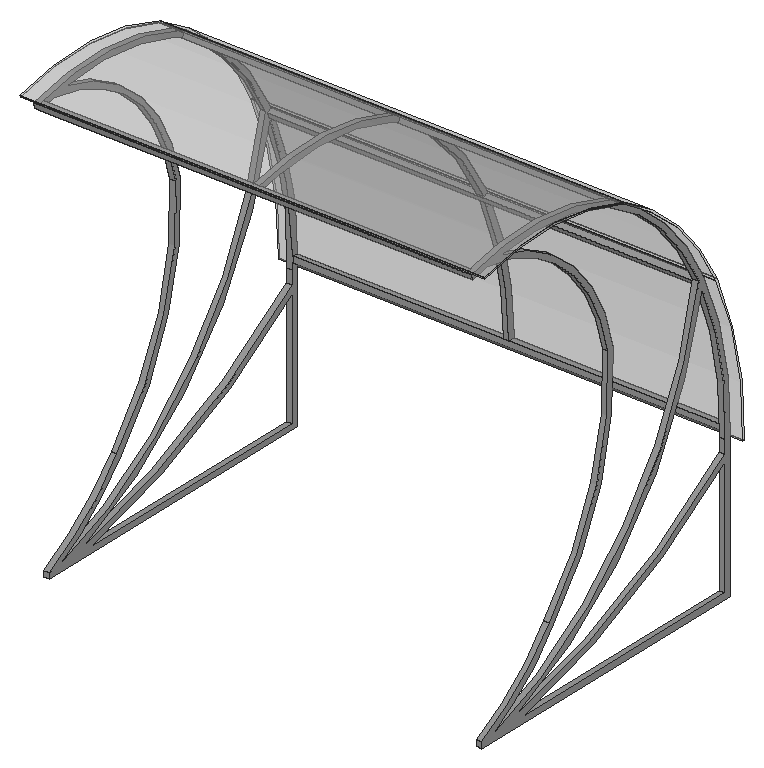
Revit family "Навес для скамейки «Сидней» Арт 14547", category Антураж, Revit 2018
Family settings
  На основе рабочей плоскости = Нет
  Всегда вертикально = Да
  При загрузке вырезать с полостями = Нет
  Источник визуального образа = Геометрия семейства
  Общий = Нет
  Точка расчета площади = Нет
Parameters (values of type "Навес для скамейки «Сидней»")
  Ширина = 1470 mm  # constant formula
  Цвет крыши = Поликарбонат
  Цвет каркаса = Сталь
  Описание = "Навес для скамейки «Сидней»"  # constant formula
  Материал изделия = "Сталь, поликарбонат"  # constant formula
  Изображение типоразмера = Навес для скамейки «Сидней» Арт 14547.jpg
  Изготовитель = "ООО «Хоббика»"  # constant formula
  Длина = 2100 mm  # constant formula
  Группа модели = "Садовые скамейки"  # constant formula
  Высота = 2000 mm  # constant formula
  Артикул товара = "Арт. 14547"  # constant formula
  URL = "https://hobbyka.ru/product/naves_dlya_skameyki_sidney/"
Reference planes
  plane 1 "По центру (Вперед/Назад)": y = 0
  plane 2: z = 0
  plane 3 "По центру (Влево/Вправо)": x = 0
  plane 4: x = 2100
  plane 5: y = 1470
  plane 6: z = 2000
Forms (mm)
  Extrusion 1, solid, material "Поликарбонат" <- "Цвет крыши"
    sketch origin (0, 0, 0) x (0, 1, 0) y (0, 0, 1)
      loop
        arc (1470, 646.807) -> (1436.685, 1017.992) -> (1316.145, 1370.636) r 1557.51
        arc (1316.145, 1370.636) -> (1097.575, 1683.267) -> (791.369, 1910.75) r 1190.869
        arc (791.369, 1910.75) -> (399.19, 1998.371) -> (0, 1952.224) r 1205.522
        line (0, 1952.224) -> (2.788, 1942.62)
        arc (2.788, 1942.62) -> (398.44, 1988.397) -> (787.172, 1901.662) r 1195.522
        arc (787.172, 1901.662) -> (1090.561, 1676.135) -> (1307.138, 1366.293) r 1180.869
        arc (1307.138, 1366.293) -> (1426.935, 1015.764) -> (1459.995, 646.807) r 1547.51
        line (1459.995, 646.807) -> (1470, 646.807)
    from 0 to 2100
  Extrusion 2, solid, material "Сталь" <- "Цвет каркаса"
    sketch origin (0, 0, 0) x (0, 1, 0) y (0, 0, 1)
      loop
        arc (1307.138, 1366.293) -> (1090.561, 1676.135) -> (787.172, 1901.662) r 1180.869
        arc (787.172, 1901.662) -> (398.44, 1988.397) -> (2.788, 1942.62) r 1195.522
        line (2.788, 1942.62) -> (9.758, 1918.612)
        arc (9.758, 1918.612) -> (47.43, 1928.87) -> (85.422, 1937.866) r 1170.522
        arc (85.422, 1937.866) -> (535.117, 1730.954) -> (772.895, 1296.788) r 788.591
        arc (772.895, 1296.788) -> (707.488, 783.255) -> (442.867, 338.317) r 1271.964
        arc (442.867, 338.317) -> (269.776, 159.241) -> (59.995, 25) r 1070.664
        line (59.995, 25) -> (59.995, 0) -> (1459.995, 0) -> (1459.995, 646.807)
        arc (1459.995, 646.807) -> (1426.935, 1015.764) -> (1307.138, 1366.293) r 1547.51
      loop
        line (287.802, 25) -> (1435.007, 25) -> (1435.007, 555.316)
        arc (1435.007, 555.316) -> (890.338, 227.568) -> (287.802, 25) r 2930.087
      loop
        arc (1435.007, 647.572) -> (1406.836, 989.326) -> (1302.896, 1316.108) r 1522.51
        arc (1302.896, 1316.108) -> (937.164, 542.333) -> (243.406, 41.149) r 1717.415
        arc (243.406, 41.149) -> (870.379, 245.904) -> (1435.007, 586.807) r 2905.087
        line (1435.007, 586.807) -> (1435.007, 647.572)
      loop
        arc (1284.619, 1355.435) -> (1073.027, 1658.306) -> (776.678, 1878.942) r 1155.869
        arc (776.678, 1878.942) -> (472.787, 1957.015) -> (159.074, 1951.56) r 1170.522
        arc (159.074, 1951.56) -> (578.312, 1723.735) -> (797.717, 1300.03) r 813.591
        arc (797.717, 1300.03) -> (731.518, 776.256) -> (462.06, 322.26) r 1296.964
        arc (462.06, 322.26) -> (299.535, 151.483) -> (104.239, 19.426) r 1095.664
        arc (104.239, 19.426) -> (884.602, 519.41) -> (1284.619, 1355.435) r 1692.415
    from 60 to 85
  Extrusion 3, solid, material "Сталь" <- "Цвет каркаса"
    sketch origin (2100, 0, 0) x (0, 1, 0) y (0, 0, -1)
      loop
        arc (1307.138, -1366.293) -> (1426.935, -1015.764) -> (1459.995, -646.807) r 1547.51
        line (1459.995, -646.807) -> (1459.995, 0) -> (59.995, 0) -> (59.995, -25)
        arc (59.995, -25) -> (269.776, -159.241) -> (442.867, -338.317) r 1070.664
        arc (442.867, -338.317) -> (707.488, -783.255) -> (772.895, -1296.788) r 1271.964
        arc (772.895, -1296.788) -> (535.117, -1730.954) -> (85.422, -1937.866) r 788.591
        arc (85.422, -1937.866) -> (47.43, -1928.87) -> (9.758, -1918.612) r 1170.522
        line (9.758, -1918.612) -> (2.788, -1942.62)
        arc (2.788, -1942.62) -> (398.44, -1988.397) -> (787.172, -1901.662) r 1195.522
        arc (787.172, -1901.662) -> (1090.561, -1676.135) -> (1307.138, -1366.293) r 1180.869
      loop
        arc (287.802, -25) -> (890.338, -227.568) -> (1435.007, -555.316) r 2930.087
        line (1435.007, -555.316) -> (1435.007, -25) -> (287.802, -25)
      loop
        line (1435.007, -647.572) -> (1435.007, -586.807)
        arc (1435.007, -586.807) -> (870.379, -245.904) -> (243.406, -41.149) r 2905.087
        arc (243.406, -41.149) -> (937.164, -542.333) -> (1302.896, -1316.108) r 1717.415
        arc (1302.896, -1316.108) -> (1406.836, -989.326) -> (1435.007, -647.572) r 1522.51
      loop
        arc (1284.619, -1355.435) -> (884.602, -519.41) -> (104.239, -19.426) r 1692.415
        arc (104.239, -19.426) -> (299.535, -151.483) -> (462.06, -322.26) r 1095.664
        arc (462.06, -322.26) -> (731.518, -776.256) -> (797.717, -1300.03) r 1296.964
        arc (797.717, -1300.03) -> (578.312, -1723.735) -> (159.074, -1951.56) r 813.591
        arc (159.074, -1951.56) -> (472.787, -1957.015) -> (776.678, -1878.942) r 1170.522
        arc (776.678, -1878.942) -> (1073.027, -1658.306) -> (1284.619, -1355.435) r 1155.869
    from 60 to 85
  Extrusion 4, solid, material "Сталь" <- "Цвет каркаса"
    sketch origin (0, 0, 0) x (0, 1, 0) y (0, 0, 1)
      loop
        arc (1307.138, 1366.293) -> (1090.561, 1676.135) -> (787.172, 1901.662) r 1180.869
        arc (787.172, 1901.662) -> (398.44, 1988.397) -> (2.788, 1942.62) r 1195.522
        line (2.788, 1942.62) -> (9.758, 1918.612)
        arc (9.758, 1918.612) -> (72.251, 1934.899) -> (135.546, 1947.714) r 1170.522
        arc (135.546, 1947.714) -> (460.941, 1958.347) -> (776.678, 1878.942) r 1170.522
        arc (776.678, 1878.942) -> (1073.027, 1658.306) -> (1284.619, 1355.435) r 1155.869
        arc (1284.619, 1355.435) -> (1399.327, 1025.066) -> (1435.626, 677.238) r 1522.51
        line (1435.626, 677.238) -> (1460.628, 677.238)
        arc (1460.628, 677.238) -> (1423.699, 1030.635) -> (1307.138, 1366.293) r 1547.51
    from 1037.5 to 1062.5
  Extrusion 5, solid, material "Сталь" <- "Цвет каркаса"
    sketch origin (0, 0, 0) x (0, 1, 0) y (0, 0, 1)
      loop
        arc (1435.699, 702.238) -> (1435.714, 689.738) -> (1435.626, 677.238) r 1522.51
        line (1435.626, 677.238) -> (1460.628, 677.238)
        arc (1460.628, 677.238) -> (1460.714, 689.738) -> (1460.699, 702.238) r 1547.51
        line (1460.699, 702.238) -> (1435.699, 702.238)
      loop
        arc (1288.583, 1347.15) -> (1293.898, 1335.836) -> (1299.119, 1324.479) r 1522.51
        line (1299.119, 1324.479) -> (1321.791, 1335.016)
        arc (1321.791, 1335.016) -> (1316.569, 1346.373) -> (1311.255, 1357.687) r 1547.51
        line (1311.255, 1357.687) -> (1288.583, 1347.15)
      loop
        line (2.788, 1942.62) -> (9.758, 1918.612)
        arc (9.758, 1918.612) -> (21.782, 1922.033) -> (33.841, 1925.325) r 1170.522
        line (33.841, 1925.325) -> (26.87, 1949.339)
        arc (26.87, 1949.339) -> (14.811, 1946.043) -> (2.788, 1942.62) r 1195.522
      loop
        arc (807.662, 1862.228) -> (818.249, 1856.233) -> (828.772, 1850.128) r 1155.869
        line (828.772, 1850.128) -> (841.557, 1871.612)
        arc (841.557, 1871.612) -> (830.744, 1877.887) -> (819.865, 1884.047) r 1180.869
        line (819.865, 1884.047) -> (807.662, 1862.228)
    from 85 to 2015
Cuts and joins
  joined: Extrusion 2, Extrusion 3, Extrusion 4, Extrusion 5
Dimensions and locks
  "Длина": plane 3 "По центру (Влево/Вправо)" to plane 4
  "Ширина": plane 1 "По центру (Вперед/Назад)" to plane 5
  "Высота": plane 6 to plane 2
  aligned and locked: level to plane 2
Automatic sketch dimensions
  Extrusion 1 sketch curve to Extrusion 1 sketch curve = 0 mm  (x6)
  Extrusion 1 sketch curve to plane 1 "По центру (Вперед/Назад)" = 0 mm
  Extrusion 1 sketch curve to plane 5 = 0 mm
  plane 1 "По центру (Вперед/Назад)" to Extrusion 1 sketch curve = 86.79 mm
  Extrusion 1 sketch curve to plane 1 "По центру (Вперед/Назад)" = 2.788 mm
  Extrusion 1 sketch curve to plane 1 "По центру (Вперед/Назад)" = 243.464 mm
  Extrusion 1 sketch curve to Extrusion 1 sketch curve = 92.634 mm
  Extrusion 1 sketch curve to plane 5 = 10.005 mm
  level to Extrusion 1 sketch curve = 646.807 mm
  level to Extrusion 1 sketch curve = 694.167 mm
  Extrusion 1 sketch curve to Extrusion 1 sketch curve = 100.334 mm
  Extrusion 1 sketch curve to Extrusion 1 sketch curve = 58.908 mm
  Extrusion 1 sketch curve to plane 6 = 57.38 mm
  Extrusion 1 sketch curve to Extrusion 1 sketch curve = 9.603 mm
  Extrusion 1 sketch curve to plane 6 = 98.338 mm
  Extrusion 1 sketch curve to Extrusion 1 sketch curve = 4.197 mm
  Extrusion 2 sketch curve to Extrusion 2 sketch curve = 0 mm  (x21)
  Extrusion 2 sketch curve to level = 0 mm
  plane 1 "По центру (Вперед/Назад)" to Extrusion 2 sketch curve = 495.177 mm
  Extrusion 2 sketch curve to Extrusion 2 sketch curve = 86.893 mm
  plane 1 "По центру (Вперед/Назад)" to Extrusion 2 sketch curve = 383.705 mm
  plane 1 "По центру (Вперед/Назад)" to Extrusion 2 sketch curve = 339.138 mm
  plane 1 "По центру (Вперед/Назад)" to Extrusion 2 sketch curve = 86.79 mm
  plane 1 "По центру (Вперед/Назад)" to Extrusion 2 sketch curve = 2.701 mm
  Extrusion 2 sketch curve to plane 1 "По центру (Вперед/Назад)" = 2.788 mm
  Extrusion 2 sketch curve to plane 1 "По центру (Вперед/Назад)" = 9.758 mm
  Extrusion 2 sketch curve to plane 1 "По центру (Вперед/Назад)" = 59.995 mm
  Extrusion 2 sketch curve to plane 1 "По центру (Вперед/Назад)" = 243.464 mm
  level to Extrusion 2 sketch curve = 25 mm  (x2)
  Extrusion 2 sketch curve to Extrusion 2 sketch curve = 227.807 mm
  Extrusion 2 sketch curve to Extrusion 2 sketch curve = 92.634 mm
  Extrusion 2 sketch curve to plane 5 = 34.993 mm
  Extrusion 2 sketch curve to plane 5 = 10.005 mm
  Extrusion 2 sketch curve to Extrusion 2 sketch curve = 530.316 mm
  Extrusion 2 sketch curve to Extrusion 2 sketch curve = 31.492 mm
  Extrusion 2 sketch curve to Extrusion 2 sketch curve = 60 mm
  Extrusion 2 sketch curve to Extrusion 2 sketch curve = 0.765 mm
  Extrusion 2 sketch curve to Extrusion 2 sketch curve = 669.167 mm
  Extrusion 2 sketch curve to Extrusion 2 sketch curve = 100.334 mm
  Extrusion 2 sketch curve to Extrusion 2 sketch curve = 58.908 mm
  Extrusion 2 sketch curve to Extrusion 2 sketch curve = 293.66 mm
  Extrusion 2 sketch curve to Extrusion 2 sketch curve = 300.805 mm
  Extrusion 2 sketch curve to Extrusion 2 sketch curve = 209.539 mm
  Extrusion 2 sketch curve to plane 6 = 360.025 mm
  Extrusion 2 sketch curve to plane 6 = 81.388 mm
  Extrusion 2 sketch curve to Extrusion 2 sketch curve = 24.009 mm
  Extrusion 2 sketch curve to Extrusion 2 sketch curve = 75.664 mm
  level to Extrusion 2 sketch curve = 19.426 mm
  Extrusion 2 sketch curve to Extrusion 2 sketch curve = 44.243 mm
  Extrusion 2 sketch curve to plane 6 = 48.44 mm
  Extrusion 2 sketch curve to Extrusion 2 sketch curve = 73.651 mm
  level to Extrusion 2 sketch curve = 41.149 mm
  level to Extrusion 2 sketch curve = 338.317 mm
  Extrusion 2 sketch curve to Extrusion 2 sketch curve = 19.193 mm
  Extrusion 2 sketch curve to plane 6 = 121.058 mm
  Extrusion 2 sketch curve to Extrusion 2 sketch curve = 10.494 mm
  Extrusion 3 sketch curve to Extrusion 3 sketch curve = 0 mm  (x21)
  Extrusion 3 sketch curve to level = 0 mm
  plane 1 "По центру (Вперед/Назад)" to Extrusion 3 sketch curve = 495.177 mm
  Extrusion 3 sketch curve to Extrusion 3 sketch curve = 86.893 mm
  plane 1 "По центру (Вперед/Назад)" to Extrusion 3 sketch curve = 383.705 mm
  plane 1 "По центру (Вперед/Назад)" to Extrusion 3 sketch curve = 339.138 mm
  plane 1 "По центру (Вперед/Назад)" to Extrusion 3 sketch curve = 86.79 mm
  plane 1 "По центру (Вперед/Назад)" to Extrusion 3 sketch curve = 2.701 mm
  Extrusion 3 sketch curve to plane 1 "По центру (Вперед/Назад)" = 2.788 mm
  Extrusion 3 sketch curve to plane 1 "По центру (Вперед/Назад)" = 9.758 mm
  Extrusion 3 sketch curve to plane 1 "По центру (Вперед/Назад)" = 59.995 mm
  Extrusion 3 sketch curve to plane 1 "По центру (Вперед/Назад)" = 243.464 mm
  level to Extrusion 3 sketch curve = 25 mm  (x2)
  Extrusion 3 sketch curve to Extrusion 3 sketch curve = 227.807 mm
  Extrusion 3 sketch curve to Extrusion 3 sketch curve = 92.634 mm
  Extrusion 3 sketch curve to plane 5 = 34.993 mm
  Extrusion 3 sketch curve to plane 5 = 10.005 mm
  Extrusion 3 sketch curve to Extrusion 3 sketch curve = 530.316 mm
  Extrusion 3 sketch curve to Extrusion 3 sketch curve = 31.492 mm
  Extrusion 3 sketch curve to Extrusion 3 sketch curve = 60 mm
  Extrusion 3 sketch curve to Extrusion 3 sketch curve = 0.765 mm
  level to Extrusion 3 sketch curve = 694.167 mm
  Extrusion 3 sketch curve to Extrusion 3 sketch curve = 100.334 mm
  Extrusion 3 sketch curve to Extrusion 3 sketch curve = 58.908 mm
  Extrusion 3 sketch curve to Extrusion 3 sketch curve = 293.66 mm
  Extrusion 3 sketch curve to Extrusion 3 sketch curve = 300.805 mm
  Extrusion 3 sketch curve to Extrusion 3 sketch curve = 209.539 mm
  Extrusion 3 sketch curve to plane 6 = 360.025 mm
  Extrusion 3 sketch curve to plane 6 = 81.388 mm
  Extrusion 3 sketch curve to Extrusion 3 sketch curve = 24.009 mm
  Extrusion 3 sketch curve to Extrusion 3 sketch curve = 75.664 mm
  level to Extrusion 3 sketch curve = 19.426 mm
  Extrusion 3 sketch curve to Extrusion 3 sketch curve = 44.243 mm
  Extrusion 3 sketch curve to plane 6 = 48.44 mm
  Extrusion 3 sketch curve to Extrusion 3 sketch curve = 73.651 mm
  level to Extrusion 3 sketch curve = 41.149 mm
  level to Extrusion 3 sketch curve = 338.317 mm
  Extrusion 3 sketch curve to Extrusion 3 sketch curve = 19.193 mm
  Extrusion 3 sketch curve to plane 6 = 121.058 mm
  Extrusion 3 sketch curve to Extrusion 3 sketch curve = 10.494 mm
  Extrusion 4 sketch curve to Extrusion 4 sketch curve = 0 mm  (x14)
  Extrusion 4 sketch curve to plane 1 "По центру (Вперед/Назад)" = 2.788 mm
  Extrusion 4 sketch curve to plane 1 "По центру (Вперед/Назад)" = 9.758 mm
  Extrusion 4 sketch curve to Extrusion 4 sketch curve = 92.634 mm
  Extrusion 4 sketch curve to Extrusion 4 sketch curve = 100.334 mm
  Extrusion 4 sketch curve to Extrusion 4 sketch curve = 58.908 mm
  Extrusion 4 sketch curve to plane 6 = 81.388 mm
  Extrusion 4 sketch curve to Extrusion 4 sketch curve = 24.009 mm
  Extrusion 4 sketch curve to plane 6 = 121.058 mm
  Extrusion 4 sketch curve to Extrusion 4 sketch curve = 10.494 mm
  Extrusion 4 sketch curve to plane 5 = 9.372 mm
  plane 1 "По центру (Вперед/Назад)" to Extrusion 4 sketch curve = 86.79 mm
  Extrusion 4 sketch curve to Extrusion 4 sketch curve = 25.002 mm
  Extrusion 4 sketch curve to Extrusion 4 sketch curve = 330.254 mm
  level to Extrusion 4 sketch curve = 853.41 mm
  Extrusion 4 sketch curve to plane 6 = 52.286 mm
  Extrusion 5 sketch curve to Extrusion 5 sketch curve = 0 mm  (x10)
  plane 1 "По центру (Вперед/Назад)" to Extrusion 5 sketch curve = 86.79 mm
  Extrusion 5 sketch curve to plane 1 "По центру (Вперед/Назад)" = 2.788 mm
  Extrusion 5 sketch curve to plane 1 "По центру (Вперед/Назад)" = 9.758 mm
  Extrusion 5 sketch curve to Extrusion 5 sketch curve = 24.082 mm
  Extrusion 5 sketch curve to Extrusion 5 sketch curve = 24.083 mm
  Extrusion 5 sketch curve to plane 1 "По центру (Вперед/Назад)" = 243.464 mm
  Extrusion 5 sketch curve to Extrusion 5 sketch curve = 92.634 mm
  Extrusion 5 sketch curve to plane 5 = 181.417 mm
  Extrusion 5 sketch curve to Extrusion 5 sketch curve = 10.536 mm  (x2)
  Extrusion 5 sketch curve to Extrusion 5 sketch curve = 22.672 mm
  Extrusion 5 sketch curve to plane 5 = 34.374 mm
  Extrusion 5 sketch curve to Extrusion 5 sketch curve = 0.073 mm
  Extrusion 5 sketch curve to plane 5 = 9.372 mm
  level to Extrusion 5 sketch curve = 677.238 mm
  Extrusion 5 sketch curve to Extrusion 5 sketch curve = 100.334 mm
  Extrusion 5 sketch curve to Extrusion 5 sketch curve = 58.908 mm
  Extrusion 5 sketch curve to Extrusion 5 sketch curve = 622.241 mm
  Extrusion 5 sketch curve to Extrusion 5 sketch curve = 10.537 mm
  Extrusion 5 sketch curve to plane 6 = 81.388 mm
  Extrusion 5 sketch curve to Extrusion 5 sketch curve = 24.009 mm
  Extrusion 5 sketch curve to plane 6 = 137.772 mm
  Extrusion 5 sketch curve to plane 6 = 115.953 mm
  Extrusion 5 sketch curve to Extrusion 5 sketch curve = 12.203 mm
  Extrusion 5 sketch curve to plane 6 = 128.388 mm
  Extrusion 5 sketch curve to Extrusion 5 sketch curve = 12.785 mm
  Extrusion 5 sketch curve to Extrusion 5 sketch curve = 459.811 mm
  Extrusion 5 sketch curve to Extrusion 5 sketch curve = 8.907 mm
